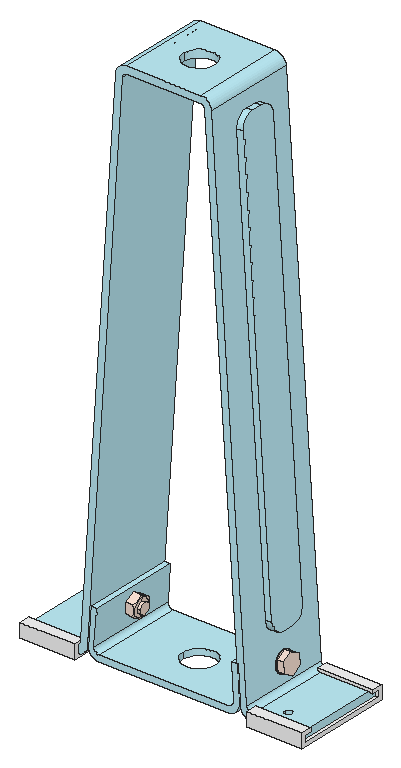
Revit family "standardstand_h300", category 機械設備, Revit 2022
Family settings
  丸型コネクタ寸法 = 直径を使用
  種別 = なし
  パーツ タイプ = 標準
  作業面ベース = いいえ
  常に垂直 = はい
  ロード時にボイドで切り取り = いいえ
  注釈の向きを維持 = いいえ
  共有 = いいえ
  部屋計算ポイント = いいえ
Parameters
  製造元 = "株式会社桐井製作所"
  既定の高さ = 0 mm
  URL = "https://www.kirii.co.jp/"
  K_表面処理 = "Z12以上"
  K_材質 = "溶融亜鉛めっき鋼板及び鋼帯及び鋼帯 JIS G 3302"
  K_名称 = "スタンド(スタンダードタイプ用)H=300"
  K_単位質量(kg/個) = 1.276
  K_バージョン情報 = "20221219"
Reference planes
  plane 1 "中心(正面/背面)": y = 0
  plane 2: z = 0
  plane 3 "中心(左/右)": x = 0
Forms (mm)
  Extrusion 1, solid
    sketch origin (0, 0, 0) x (1, 0, 0) y (0, 0, 1)
      loop
        line (-41.253, 7.343) -> (-22.242, 291.152)
        arc (-22.242, 291.152) -> (-21.704, 292.388) -> (-20.504, 293.002) r 2
        line (-20.504, 293.002) -> (20.504, 293.002)
        arc (20.504, 293.002) -> (21.704, 292.388) -> (22.242, 291.152) r 2
        line (22.242, 291.152) -> (41.253, 7.343)
        arc (41.253, 7.343) -> (43.213, 3.531) -> (47.217, 2.001) r 6
        line (47.217, 2.001) -> (74.605, 2.001) -> (74.605, 6.001) -> (47.965, 6.001)
        arc (47.965, 6.001) -> (45.989, 6.817) -> (45.165, 8.79) r 2.8
        line (45.165, 8.79) -> (26.234, 291.403)
        arc (26.234, 291.403) -> (24.346, 295.384) -> (20.247, 297.002) r 6
        line (20.247, 297.002) -> (-20.248, 297.002)
        arc (-20.248, 297.002) -> (-24.346, 295.384) -> (-26.234, 291.403) r 6
        line (-26.234, 291.403) -> (-45.165, 8.79)
        arc (-45.165, 8.79) -> (-45.989, 6.817) -> (-47.965, 6.001) r 2.8
        line (-47.965, 6.001) -> (-74.611, 6.001) -> (-74.611, 2.001) -> (-47.217, 2.001)
        arc (-47.217, 2.001) -> (-43.213, 3.531) -> (-41.253, 7.343) r 6
    from -25 to 25
  Extrusion 2, solid
    sketch origin (0, 0, 0) x (0, 1, 0) y (0, 0, 1)
      loop
        line (-21, 7.4) -> (-27, 7.4) -> (-27, 0) -> (27, 0) -> (27, 7.4) -> (21, 7.4) -> (21, 5.4) -> (25, 5.4) -> (25, 2) -> (-25, 2) -> (-25, 5.4) -> (-21, 5.4) -> (-21, 7.4)
    from -76.611 to -46.611
  Extrusion 3, solid
    sketch origin (99, 0, 0) x (0, 1, 0) y (0, 0, 1)
      loop
        line (-21, 7.4) -> (-27, 7.4) -> (-27, 0) -> (27, 0) -> (27, 7.4) -> (21, 7.4) -> (21, 5.4) -> (25, 5.4) -> (25, 2) -> (-25, 2) -> (-25, 5.4) -> (-21, 5.4) -> (-21, 7.4)
    from -52.395 to -22.395
  Extrusion 4, void
    sketch origin (0, -0.938, 0) x (1, 0, 0) y (0, 1, 0)
      loop
        circle (0, 0) r 8.5
    from 293.002 to 297.002
  Extrusion 5, solid
    sketch origin (0, 0, 0) x (1, 0, 0) y (0, 0, 1)
      loop
        line (-36.658, 27.337) -> (-39.851, 27.551) -> (-41.119, 8.613)
        arc (-41.119, 8.613) -> (-39.604, 3.98) -> (-35.15, 2.001) r 6
        line (-35.15, 2.001) -> (35.15, 2.001)
        arc (35.15, 2.001) -> (39.604, 3.98) -> (41.119, 8.613) r 6
        line (41.119, 8.613) -> (39.851, 27.551) -> (36.658, 27.337) -> (37.95, 8.051)
        arc (37.95, 8.051) -> (37.148, 6.039) -> (35.15, 5.201) r 2.8
        line (35.15, 5.201) -> (-35.15, 5.201)
        arc (-35.15, 5.201) -> (-37.148, 6.039) -> (-37.95, 8.051) r 2.8
        line (-37.95, 8.051) -> (-36.658, 27.337)
    from -25 to 25
  Extrusion 6, void
    sketch origin (-30.493, 0, 2.721) x (0, 1, 0) y (-0.066776, 0, -0.997768)
      loop
        circle (0, -16.32) r 3.5
    from 11.044 to 15.044
  Extrusion 7, void
    sketch origin (-27.294, 0, 2.59) x (0, 1, 0) y (-0.066776, 0, -0.997768)
      loop
        circle (0, -15.567) r 3.5
    from 10.997 to 14.196
  Extrusion 8, solid
    sketch origin (-9.988, 0, -2.305) x (0, 1, 0) y (0.066834, 0, 0.997764)
      loop
        line (10, 43.055) -> (10, 277.057)
        arc (10, 277.057) -> (7.95, 282.006) -> (3, 284.057) r 7
        line (3, 284.057) -> (-3, 284.057)
        arc (-3, 284.057) -> (-7.95, 282.006) -> (-10, 277.057) r 7
        line (-10, 277.057) -> (-10, 43.055)
        arc (-10, 43.055) -> (-7.95, 38.106) -> (-3, 36.055) r 7
        line (-3, 36.055) -> (3, 36.055)
        arc (3, 36.055) -> (7.95, 38.106) -> (10, 43.055) r 7
    from -39.798 to -35.839
  Extrusion 9, solid
    sketch origin (9.988, 0, -2.305) x (0, 1, 0) y (0.066834, 0, -0.997764)
      loop
        arc (10, -43.055) -> (7.95, -38.106) -> (3, -36.055) r 7
        line (3, -36.055) -> (-3, -36.055)
        arc (-3, -36.055) -> (-7.95, -38.106) -> (-10, -43.055) r 7
        line (-10, -43.055) -> (-10, -277.057)
        arc (-10, -277.057) -> (-7.95, -282.006) -> (-3, -284.057) r 7
        line (-3, -284.057) -> (3, -284.057)
        arc (3, -284.057) -> (7.95, -282.006) -> (10, -277.057) r 7
        line (10, -277.057) -> (10, -43.055)
    from -39.798 to -35.839
  Extrusion 10, void
    sketch origin (0, 0, 0) x (1, 0, 0) y (0, 1, 0)
      loop
        circle (-59.611, 15) r 2
      loop
        circle (59.611, -15) r 2
    from 0 to 6.001
  Extrusion 11, void
    sketch origin (0, 0, 0) x (1, 0, 0) y (0, 1, 0)
      loop
        circle (0, -0.937) r 8.9
    from 2.001 to 5.201
Cuts and joins
  Extrusion 4, Extrusion 6, Extrusion 10 cuts Extrusion 1
  Extrusion 10 cuts Extrusion 8
  Extrusion 10 cuts Extrusion 9
  joined: Extrusion 1, Extrusion 8, Extrusion 9
  Extrusion 6, Extrusion 7, Extrusion 11 cuts Extrusion 5
  Extrusion 10 cuts Extrusion 2
  Extrusion 10 cuts Extrusion 3
Dimensions and locks
  aligned and locked: level to plane 2
Nested families
  nested 1: "M10×25ボルト" at (-49.402, 0, 19.802) x (0, -1, 0) z (0.0672, 0, 0.9977), type "M10×25ボルト"
  nested 2: "ナット(床)" at (-37.216, -0.023, 19) x (-0.0668, 0, -0.9978) z (0.9978, 0, -0.0668), type "ナット(床)"
  nested 3: "M10×25ボルト" at (49.402, 0, 19.802) x (0, -1, 0) z (-0.0672, 0, 0.9977), type "M10×25ボルト"
  nested 4: "ナット(床)" at (37.216, -0.023, 19) x (0.0668, 0, -0.9978) z (-0.9978, 0, -0.0668), type "ナット(床)"
Definition of nested family "M10×25ボルト"
  Parameters (values of type "M10×25ボルト")
    Manufacturer = "株式会社桐井製作所"
    Default Elevation = 0 mm
    URL = "https://www.kirii.co.jp/"
    K_材料規格 = "M10×L25"
    K_品名 = "M10×25ボルト"
    K_名称 = "M10×25ボルト"
  Reference planes
    plane 1 "中心(正面/背面)": y = 0
    plane 2: z = 0
    plane 3 "中心(左/右)": x = 0
    plane 4 "正面": y = -4
    plane 5: z = 6.928
    plane 6: z = -6.928
  Forms (mm)
    Extrusion 1, solid
      sketch origin (0, 0, 0) x (1, 0, 0) y (0, 0, 1)
        loop
          line (4.98, 2.875) -> (0, 5.75) -> (-4.98, 2.875) -> (-4.98, -2.875) -> (0, -5.75) -> (4.98, -2.875) -> (4.98, 2.875)
      from 0 to 4
    Extrusion 2, solid
      sketch origin (0, 0, 25.676) x (1, 0, 0) y (0, 0, 1)
        loop
          circle (0, -25.676) r 3
      from 4 to 19
    Extrusion 3, solid
      sketch origin (0, 0, 0) x (1, 0, 0) y (0, 0, 1)
        loop
          circle (0, 0) r 5.5
      from 4 to 5
  Cuts and joins
    joined: Extrusion 1, Extrusion 2
  Lines and regions (mm)
    model lines
      curve 1: circle (0, 0, 0) r 3 normal (0, -1, 0)
  Dimensions and locks
    aligned and locked: level to plane 2
Definition of nested family "ナット(床)"
  Parameters (values of type "ナット(床)")
    Default Elevation = 1219.2 mm
  Reference planes
    plane 1 "中心(正面/背面)": y = 0
    plane 2: z = 0
    plane 3 "中心(左/右)": x = 0
  Forms (mm)
    Extrusion 1, solid
      sketch origin (0, 0, 0) x (1, 0, 0) y (0, 1, 0)
        loop
          line (-55, 45) -> (-55, -45.273) -> (55.986, -45.273) -> (55.986, 45) -> (-55, 45)
      from 0 to -304.8
    Revolve 2, solid
      sketch origin (0, 0, 2.36) x (1, 0, 0) y (0, 0, 1)
        loop
          line (4.792, 2.64) -> (3, 2.64) -> (3, -2.36) -> (5.818, -2.36) -> (5.818, 1.64)
          arc (5.818, 1.64) -> (5.516, 2.356) -> (4.792, 2.64) r 1
        axis (0, 2.64) -> (0, -2.36)
      angle from 0 to 360
    Extrusion 3, void
      sketch origin (0, 0, 0) x (1, 0, 0) y (0, 1, 0)
        loop
          circle (0, 0) r 6
        loop
          line (5.818, 0) -> (2.909, 5.038) -> (-2.909, 5.038) -> (-5.818, 0) -> (-2.909, -5.038) -> (2.909, -5.038) -> (5.818, 0)
      from 0 to 5
  Cuts and joins
    Extrusion 3 cuts Revolve 2
  Dimensions and locks
    aligned and locked: plane 2 to Extrusion 1
    aligned and locked: level to Extrusion 1
